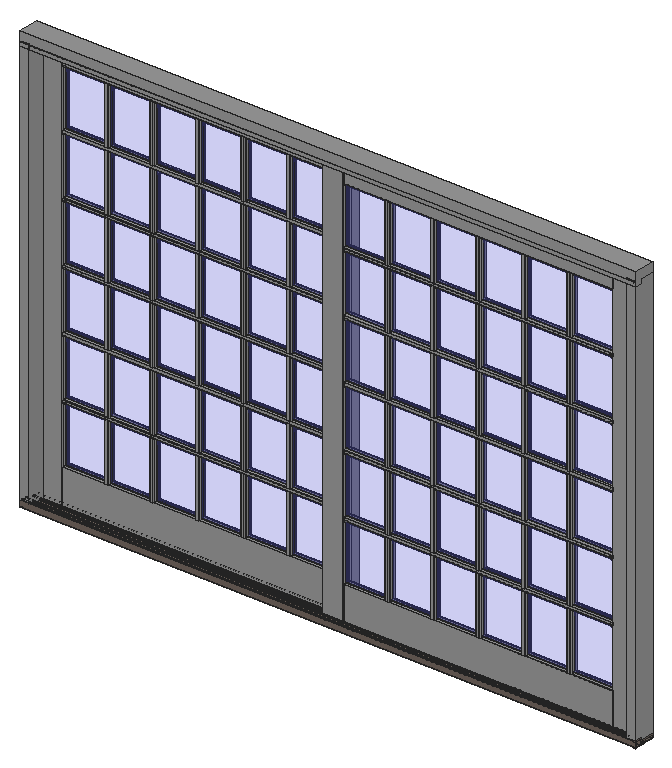
Revit family "VSDA3.0SP LH", category Doors, host Wall, Revit 2015 (continued)
Automatic sketch dimensions
  Extrusion 26 sketch curve to Extrusion 26 sketch curve = 1.197 mm  (x10)
  host wall to Extrusion 27 sketch curve = 7.5 mm  (x4)
  plane 4 "Right" to Extrusion 27 sketch curve = 342.92 mm
  Extrusion 27 sketch curve to Extrusion 27 sketch curve = 2 mm  (x24)
  Extrusion 27 sketch curve to Extrusion 27 sketch curve = 6.759 mm  (x10)
  Extrusion 27 sketch curve to Extrusion 27 sketch curve = 0.241 mm  (x15)
  Extrusion 27 sketch curve to Extrusion 27 sketch curve = 13 mm  (x8)
  Extrusion 27 sketch curve to Extrusion 27 sketch curve = 0 mm  (x2)
  host wall to Extrusion 27 sketch curve = 5.5 mm  (x7)
  Extrusion 27 sketch curve to Extrusion 27 sketch curve = 192.92 mm  (x4)
  Extrusion 27 sketch curve to host wall = 24.5 mm  (x5)
  Extrusion 27 sketch curve to Extrusion 27 sketch curve = 1.197 mm  (x10)
  host wall to Extrusion 28 sketch curve = 7.5 mm  (x4)
  plane 4 "Right" to Extrusion 28 sketch curve = 342.92 mm
  Extrusion 28 sketch curve to Extrusion 28 sketch curve = 2 mm  (x24)
  Extrusion 28 sketch curve to Extrusion 28 sketch curve = 6.759 mm  (x10)
  Extrusion 28 sketch curve to Extrusion 28 sketch curve = 0.241 mm  (x15)
  Extrusion 28 sketch curve to Extrusion 28 sketch curve = 13 mm  (x8)
  Extrusion 28 sketch curve to Extrusion 28 sketch curve = 0 mm  (x2)
  host wall to Extrusion 28 sketch curve = 5.5 mm  (x7)
  Extrusion 28 sketch curve to Extrusion 28 sketch curve = 192.92 mm  (x4)
  Extrusion 28 sketch curve to host wall = 24.5 mm  (x5)
  Extrusion 28 sketch curve to Extrusion 28 sketch curve = 1.197 mm  (x10)
  host wall to Extrusion 29 sketch curve = 7.5 mm  (x4)
  plane 4 "Right" to Extrusion 29 sketch curve = 342.92 mm
  Extrusion 29 sketch curve to Extrusion 29 sketch curve = 2 mm  (x24)
  Extrusion 29 sketch curve to Extrusion 29 sketch curve = 6.759 mm  (x10)
  Extrusion 29 sketch curve to Extrusion 29 sketch curve = 0.241 mm  (x15)
  Extrusion 29 sketch curve to Extrusion 29 sketch curve = 13 mm  (x8)
  Extrusion 29 sketch curve to Extrusion 29 sketch curve = 0 mm  (x2)
  host wall to Extrusion 29 sketch curve = 5.5 mm  (x7)
  Extrusion 29 sketch curve to Extrusion 29 sketch curve = 192.92 mm  (x4)
  Extrusion 29 sketch curve to host wall = 24.5 mm  (x5)
  Extrusion 29 sketch curve to Extrusion 29 sketch curve = 1.197 mm  (x10)
  host wall to Extrusion 30 sketch curve = 7.5 mm  (x4)
  plane 4 "Right" to Extrusion 30 sketch curve = 342.92 mm
  Extrusion 30 sketch curve to Extrusion 30 sketch curve = 2 mm  (x24)
  Extrusion 30 sketch curve to Extrusion 30 sketch curve = 6.759 mm  (x10)
  Extrusion 30 sketch curve to Extrusion 30 sketch curve = 0.241 mm  (x15)
  Extrusion 30 sketch curve to Extrusion 30 sketch curve = 13 mm  (x8)
  Extrusion 30 sketch curve to Extrusion 30 sketch curve = 0 mm  (x2)
  host wall to Extrusion 30 sketch curve = 5.5 mm  (x7)
  Extrusion 30 sketch curve to Extrusion 30 sketch curve = 192.92 mm  (x4)
  Extrusion 30 sketch curve to host wall = 24.5 mm  (x5)
  Extrusion 30 sketch curve to Extrusion 30 sketch curve = 1.197 mm  (x10)
  Sweep 31 sketch curve to plane 3 "Left" = 351.92 mm
  Sweep 31 sketch curve to plane 3 "Left" = 141 mm
  plane 5 to Sweep 31 sketch curve = 438 mm
  Sweep 31 sketch curve to Sweep 31 sketch curve = 284 mm
  Sweep 31 sketch curve to profile plane = 0 mm
  Sweep 31 sketch curve to profile plane = 0.241 mm
  Sweep 31 sketch curve to Sweep 31 sketch curve = 6.759 mm
  Sweep 31 sketch curve to Sweep 31 sketch curve = 2 mm  (x2)
  Sweep 31 sketch curve to profile plane = 132.5 mm
  Sweep 31 sketch curve to Sweep 31 sketch curve = 6 mm
  Sweep 32 sketch curve to plane 3 "Left" = 575.84 mm
  Sweep 32 sketch curve to Sweep 32 sketch curve = 210.92 mm
  plane 5 to Sweep 32 sketch curve = 438 mm
  Sweep 32 sketch curve to Sweep 32 sketch curve = 284 mm
  Sweep 32 sketch curve to profile plane = 0 mm
  Sweep 32 sketch curve to profile plane = 0.241 mm
  Sweep 32 sketch curve to Sweep 32 sketch curve = 6.759 mm
  Sweep 32 sketch curve to Sweep 32 sketch curve = 2 mm  (x2)
  Sweep 32 sketch curve to profile plane = 132.5 mm
  Sweep 32 sketch curve to Sweep 32 sketch curve = 6 mm
  Sweep 33 sketch curve to plane 2 "Center (Left/Right)" = 715.24 mm
  Sweep 33 sketch curve to Sweep 33 sketch curve = 210.92 mm
  plane 5 to Sweep 33 sketch curve = 438 mm
  Sweep 33 sketch curve to Sweep 33 sketch curve = 284 mm
  Sweep 33 sketch curve to profile plane = 0 mm
  Sweep 33 sketch curve to profile plane = 0.241 mm
  Sweep 33 sketch curve to Sweep 33 sketch curve = 6.759 mm
  Sweep 33 sketch curve to Sweep 33 sketch curve = 2 mm  (x2)
  Sweep 33 sketch curve to profile plane = 132.5 mm
  Sweep 33 sketch curve to Sweep 33 sketch curve = 6 mm
  Sweep 34 sketch curve to plane 2 "Center (Left/Right)" = 491.32 mm
  Sweep 34 sketch curve to Sweep 34 sketch curve = 210.92 mm
  plane 5 to Sweep 34 sketch curve = 438 mm
  Sweep 34 sketch curve to Sweep 34 sketch curve = 284 mm
  Sweep 34 sketch curve to profile plane = 0 mm
  Sweep 34 sketch curve to profile plane = 0.241 mm
  Sweep 34 sketch curve to Sweep 34 sketch curve = 6.759 mm
  Sweep 34 sketch curve to Sweep 34 sketch curve = 2 mm  (x2)
  Sweep 34 sketch curve to profile plane = 132.5 mm
  Sweep 34 sketch curve to Sweep 34 sketch curve = 6 mm
  Sweep 35 sketch curve to plane 2 "Center (Left/Right)" = 267.4 mm
  Sweep 35 sketch curve to Sweep 35 sketch curve = 210.92 mm
  plane 5 to Sweep 35 sketch curve = 438 mm
  Sweep 35 sketch curve to Sweep 35 sketch curve = 284 mm
  Sweep 35 sketch curve to profile plane = 0 mm
  Sweep 35 sketch curve to profile plane = 0.241 mm
  Sweep 35 sketch curve to Sweep 35 sketch curve = 6.759 mm
  Sweep 35 sketch curve to Sweep 35 sketch curve = 2 mm  (x2)
  Sweep 35 sketch curve to profile plane = 132.5 mm
  Sweep 35 sketch curve to Sweep 35 sketch curve = 6 mm
  Sweep 36 sketch curve to plane 2 "Center (Left/Right)" = 43.48 mm
  Sweep 36 sketch curve to Sweep 36 sketch curve = 210.92 mm
  plane 5 to Sweep 36 sketch curve = 438 mm
  Sweep 36 sketch curve to Sweep 36 sketch curve = 284 mm
  Sweep 36 sketch curve to profile plane = 0 mm
  Sweep 36 sketch curve to profile plane = 0.241 mm
  Sweep 36 sketch curve to Sweep 36 sketch curve = 6.759 mm
  Sweep 36 sketch curve to Sweep 36 sketch curve = 2 mm  (x2)
  Sweep 36 sketch curve to profile plane = 132.5 mm
  Sweep 36 sketch curve to Sweep 36 sketch curve = 6 mm
  Sweep 37 sketch curve to plane 3 "Left" = 351.92 mm
  Sweep 37 sketch curve to plane 3 "Left" = 141 mm
  plane 5 to Sweep 37 sketch curve = 735 mm
  Sweep 37 sketch curve to Sweep 37 sketch curve = 284 mm
  Sweep 37 sketch curve to profile plane = 0 mm
  Sweep 37 sketch curve to profile plane = 0.241 mm
  Sweep 37 sketch curve to Sweep 37 sketch curve = 6.759 mm
  Sweep 37 sketch curve to Sweep 37 sketch curve = 2 mm  (x2)
  Sweep 37 sketch curve to profile plane = 132.5 mm
  Sweep 37 sketch curve to Sweep 37 sketch curve = 6 mm
  Sweep 38 sketch curve to plane 3 "Left" = 575.84 mm
  Sweep 38 sketch curve to Sweep 38 sketch curve = 210.92 mm
  plane 5 to Sweep 38 sketch curve = 735 mm
  Sweep 38 sketch curve to Sweep 38 sketch curve = 284 mm
  Sweep 38 sketch curve to profile plane = 0 mm
  Sweep 38 sketch curve to profile plane = 0.241 mm
  Sweep 38 sketch curve to Sweep 38 sketch curve = 6.759 mm
  Sweep 38 sketch curve to Sweep 38 sketch curve = 2 mm  (x2)
  Sweep 38 sketch curve to profile plane = 132.5 mm
  Sweep 38 sketch curve to Sweep 38 sketch curve = 6 mm
  Sweep 39 sketch curve to plane 2 "Center (Left/Right)" = 715.24 mm
  Sweep 39 sketch curve to Sweep 39 sketch curve = 210.92 mm
  plane 5 to Sweep 39 sketch curve = 735 mm
  Sweep 39 sketch curve to Sweep 39 sketch curve = 284 mm
  Sweep 39 sketch curve to profile plane = 0 mm
  Sweep 39 sketch curve to profile plane = 0.241 mm
  Sweep 39 sketch curve to Sweep 39 sketch curve = 6.759 mm
  Sweep 39 sketch curve to Sweep 39 sketch curve = 2 mm  (x2)
  Sweep 39 sketch curve to profile plane = 132.5 mm
  Sweep 39 sketch curve to Sweep 39 sketch curve = 6 mm
  Sweep 40 sketch curve to plane 2 "Center (Left/Right)" = 491.32 mm
  Sweep 40 sketch curve to Sweep 40 sketch curve = 210.92 mm
  plane 5 to Sweep 40 sketch curve = 735 mm
  Sweep 40 sketch curve to Sweep 40 sketch curve = 284 mm
  Sweep 40 sketch curve to profile plane = 0 mm
  Sweep 40 sketch curve to profile plane = 0.241 mm
  Sweep 40 sketch curve to Sweep 40 sketch curve = 6.759 mm
  Sweep 40 sketch curve to Sweep 40 sketch curve = 2 mm  (x2)
  Sweep 40 sketch curve to profile plane = 132.5 mm
  Sweep 40 sketch curve to Sweep 40 sketch curve = 6 mm
  Sweep 41 sketch curve to plane 2 "Center (Left/Right)" = 267.4 mm
  Sweep 41 sketch curve to Sweep 41 sketch curve = 210.92 mm
  plane 5 to Sweep 41 sketch curve = 735 mm
  Sweep 41 sketch curve to Sweep 41 sketch curve = 284 mm
  Sweep 41 sketch curve to profile plane = 0 mm
  Sweep 41 sketch curve to profile plane = 0.241 mm
  Sweep 41 sketch curve to Sweep 41 sketch curve = 6.759 mm
  Sweep 41 sketch curve to Sweep 41 sketch curve = 2 mm  (x2)
  Sweep 41 sketch curve to profile plane = 132.5 mm
  Sweep 41 sketch curve to Sweep 41 sketch curve = 6 mm
  Sweep 42 sketch curve to plane 2 "Center (Left/Right)" = 43.48 mm
  Sweep 42 sketch curve to Sweep 42 sketch curve = 210.92 mm
  plane 5 to Sweep 42 sketch curve = 735 mm
  Sweep 42 sketch curve to Sweep 42 sketch curve = 284 mm
  Sweep 42 sketch curve to profile plane = 0 mm
  Sweep 42 sketch curve to profile plane = 0.241 mm
  Sweep 42 sketch curve to Sweep 42 sketch curve = 6.759 mm
  Sweep 42 sketch curve to Sweep 42 sketch curve = 2 mm  (x2)
  Sweep 42 sketch curve to profile plane = 132.5 mm
  Sweep 42 sketch curve to Sweep 42 sketch curve = 6 mm
  Sweep 43 sketch curve to plane 3 "Left" = 351.92 mm
  Sweep 43 sketch curve to plane 3 "Left" = 141 mm
  plane 5 to Sweep 43 sketch curve = 1032 mm
  Sweep 43 sketch curve to Sweep 43 sketch curve = 284 mm
  Sweep 43 sketch curve to profile plane = 0 mm
  Sweep 43 sketch curve to profile plane = 0.241 mm
  Sweep 43 sketch curve to Sweep 43 sketch curve = 6.759 mm
  Sweep 43 sketch curve to Sweep 43 sketch curve = 2 mm  (x2)
  Sweep 43 sketch curve to profile plane = 132.5 mm
  Sweep 43 sketch curve to Sweep 43 sketch curve = 6 mm
  Sweep 44 sketch curve to plane 3 "Left" = 575.84 mm
  Sweep 44 sketch curve to Sweep 44 sketch curve = 210.92 mm
  plane 5 to Sweep 44 sketch curve = 1032 mm
  Sweep 44 sketch curve to Sweep 44 sketch curve = 284 mm
  Sweep 44 sketch curve to profile plane = 0 mm
  Sweep 44 sketch curve to profile plane = 0.241 mm
  Sweep 44 sketch curve to Sweep 44 sketch curve = 6.759 mm
  Sweep 44 sketch curve to Sweep 44 sketch curve = 2 mm  (x2)
  Sweep 44 sketch curve to profile plane = 132.5 mm
  Sweep 44 sketch curve to Sweep 44 sketch curve = 6 mm
  Sweep 45 sketch curve to plane 2 "Center (Left/Right)" = 715.24 mm
  Sweep 45 sketch curve to Sweep 45 sketch curve = 210.92 mm
  plane 5 to Sweep 45 sketch curve = 1032 mm
  Sweep 45 sketch curve to Sweep 45 sketch curve = 284 mm
  Sweep 45 sketch curve to profile plane = 0 mm
  Sweep 45 sketch curve to profile plane = 0.241 mm
  Sweep 45 sketch curve to Sweep 45 sketch curve = 6.759 mm
  Sweep 45 sketch curve to Sweep 45 sketch curve = 2 mm  (x2)
  Sweep 45 sketch curve to profile plane = 132.5 mm
  Sweep 45 sketch curve to Sweep 45 sketch curve = 6 mm
  Sweep 46 sketch curve to plane 2 "Center (Left/Right)" = 491.32 mm
  Sweep 46 sketch curve to Sweep 46 sketch curve = 210.92 mm
  plane 5 to Sweep 46 sketch curve = 1032 mm
  Sweep 46 sketch curve to Sweep 46 sketch curve = 284 mm
  Sweep 46 sketch curve to profile plane = 0 mm
  Sweep 46 sketch curve to profile plane = 0.241 mm
  Sweep 46 sketch curve to Sweep 46 sketch curve = 6.759 mm
  Sweep 46 sketch curve to Sweep 46 sketch curve = 2 mm  (x2)
  Sweep 46 sketch curve to profile plane = 132.5 mm
  Sweep 46 sketch curve to Sweep 46 sketch curve = 6 mm
  Sweep 47 sketch curve to plane 2 "Center (Left/Right)" = 267.4 mm
  Sweep 47 sketch curve to Sweep 47 sketch curve = 210.92 mm
  plane 5 to Sweep 47 sketch curve = 1032 mm
  Sweep 47 sketch curve to Sweep 47 sketch curve = 284 mm
  Sweep 47 sketch curve to profile plane = 0 mm
  Sweep 47 sketch curve to profile plane = 0.241 mm
  Sweep 47 sketch curve to Sweep 47 sketch curve = 6.759 mm
  Sweep 47 sketch curve to Sweep 47 sketch curve = 2 mm  (x2)
  Sweep 47 sketch curve to profile plane = 132.5 mm
  Sweep 47 sketch curve to Sweep 47 sketch curve = 6 mm
  Sweep 48 sketch curve to plane 2 "Center (Left/Right)" = 43.48 mm
  Sweep 48 sketch curve to Sweep 48 sketch curve = 210.92 mm
  plane 5 to Sweep 48 sketch curve = 1032 mm
  Sweep 48 sketch curve to Sweep 48 sketch curve = 284 mm
  Sweep 48 sketch curve to profile plane = 0 mm
  Sweep 48 sketch curve to profile plane = 0.241 mm
  Sweep 48 sketch curve to Sweep 48 sketch curve = 6.759 mm
  Sweep 48 sketch curve to Sweep 48 sketch curve = 2 mm  (x2)
  Sweep 48 sketch curve to profile plane = 132.5 mm
  Sweep 48 sketch curve to Sweep 48 sketch curve = 6 mm
  Sweep 49 sketch curve to plane 3 "Left" = 351.92 mm
  Sweep 49 sketch curve to plane 3 "Left" = 141 mm
  level to Sweep 49 sketch curve = 771 mm
  Sweep 49 sketch curve to Sweep 49 sketch curve = 284 mm
  Sweep 49 sketch curve to profile plane = 0 mm
  Sweep 49 sketch curve to profile plane = 0.241 mm
  Sweep 49 sketch curve to Sweep 49 sketch curve = 6.759 mm
  Sweep 49 sketch curve to Sweep 49 sketch curve = 2 mm  (x2)
  Sweep 49 sketch curve to profile plane = 132.5 mm
  Sweep 49 sketch curve to Sweep 49 sketch curve = 6 mm
  Sweep 50 sketch curve to plane 3 "Left" = 575.84 mm
  Sweep 50 sketch curve to Sweep 50 sketch curve = 210.92 mm
  level to Sweep 50 sketch curve = 771 mm
  Sweep 50 sketch curve to Sweep 50 sketch curve = 284 mm
  Sweep 50 sketch curve to profile plane = 0 mm
  Sweep 50 sketch curve to profile plane = 0.241 mm
  Sweep 50 sketch curve to Sweep 50 sketch curve = 6.759 mm
  Sweep 50 sketch curve to Sweep 50 sketch curve = 2 mm  (x2)
  Sweep 50 sketch curve to profile plane = 132.5 mm
  Sweep 50 sketch curve to Sweep 50 sketch curve = 6 mm
  Sweep 51 sketch curve to plane 2 "Center (Left/Right)" = 715.24 mm
  Sweep 51 sketch curve to Sweep 51 sketch curve = 210.92 mm
  level to Sweep 51 sketch curve = 771 mm
  Sweep 51 sketch curve to Sweep 51 sketch curve = 284 mm
  Sweep 51 sketch curve to profile plane = 0 mm
  Sweep 51 sketch curve to profile plane = 0.241 mm
  Sweep 51 sketch curve to Sweep 51 sketch curve = 6.759 mm
  Sweep 51 sketch curve to Sweep 51 sketch curve = 2 mm  (x2)
  Sweep 51 sketch curve to profile plane = 132.5 mm
  Sweep 51 sketch curve to Sweep 51 sketch curve = 6 mm
  Sweep 52 sketch curve to plane 2 "Center (Left/Right)" = 491.32 mm
  Sweep 52 sketch curve to Sweep 52 sketch curve = 210.92 mm
  level to Sweep 52 sketch curve = 771 mm
  Sweep 52 sketch curve to Sweep 52 sketch curve = 284 mm
  Sweep 52 sketch curve to profile plane = 0 mm
  Sweep 52 sketch curve to profile plane = 0.241 mm
  Sweep 52 sketch curve to Sweep 52 sketch curve = 6.759 mm
  Sweep 52 sketch curve to Sweep 52 sketch curve = 2 mm  (x2)
  Sweep 52 sketch curve to profile plane = 132.5 mm
  Sweep 52 sketch curve to Sweep 52 sketch curve = 6 mm
  Sweep 53 sketch curve to plane 2 "Center (Left/Right)" = 267.4 mm
  Sweep 53 sketch curve to Sweep 53 sketch curve = 210.92 mm
  level to Sweep 53 sketch curve = 771 mm
  Sweep 53 sketch curve to Sweep 53 sketch curve = 284 mm
  Sweep 53 sketch curve to profile plane = 0 mm
  Sweep 53 sketch curve to profile plane = 0.241 mm
  Sweep 53 sketch curve to Sweep 53 sketch curve = 6.759 mm
  Sweep 53 sketch curve to Sweep 53 sketch curve = 2 mm  (x2)
  Sweep 53 sketch curve to profile plane = 132.5 mm
  Sweep 53 sketch curve to Sweep 53 sketch curve = 6 mm
  Sweep 54 sketch curve to plane 2 "Center (Left/Right)" = 43.48 mm
  Sweep 54 sketch curve to Sweep 54 sketch curve = 210.92 mm
  level to Sweep 54 sketch curve = 771 mm
  Sweep 54 sketch curve to Sweep 54 sketch curve = 284 mm
  Sweep 54 sketch curve to profile plane = 0 mm
  Sweep 54 sketch curve to profile plane = 0.241 mm
  Sweep 54 sketch curve to Sweep 54 sketch curve = 6.759 mm
  Sweep 54 sketch curve to Sweep 54 sketch curve = 2 mm  (x2)
  Sweep 54 sketch curve to profile plane = 132.5 mm
  Sweep 54 sketch curve to Sweep 54 sketch curve = 6 mm
  Sweep 55 sketch curve to plane 3 "Left" = 351.92 mm
  Sweep 55 sketch curve to plane 3 "Left" = 141 mm
  level to Sweep 55 sketch curve = 474 mm
  level to Sweep 55 sketch curve = 190 mm
  Sweep 55 sketch curve to profile plane = 0 mm
  Sweep 55 sketch curve to profile plane = 0.241 mm
  Sweep 55 sketch curve to Sweep 55 sketch curve = 6.759 mm
  Sweep 55 sketch curve to Sweep 55 sketch curve = 2 mm  (x2)
  Sweep 55 sketch curve to profile plane = 132.5 mm
  Sweep 55 sketch curve to Sweep 55 sketch curve = 6 mm
  level to Sweep 56 sketch curve = 190 mm
  Sweep 56 sketch curve to plane 3 "Left" = 575.84 mm
  Sweep 56 sketch curve to Sweep 56 sketch curve = 210.92 mm
  Sweep 56 sketch curve to Sweep 56 sketch curve = 284 mm
  Sweep 56 sketch curve to profile plane = 0 mm
  Sweep 56 sketch curve to profile plane = 0.241 mm
  Sweep 56 sketch curve to Sweep 56 sketch curve = 6.759 mm
  Sweep 56 sketch curve to Sweep 56 sketch curve = 2 mm  (x2)
  Sweep 56 sketch curve to profile plane = 132.5 mm
  Sweep 56 sketch curve to Sweep 56 sketch curve = 6 mm
  level to Sweep 57 sketch curve = 190 mm
  Sweep 57 sketch curve to plane 2 "Center (Left/Right)" = 715.24 mm
  Sweep 57 sketch curve to Sweep 57 sketch curve = 210.92 mm
  Sweep 57 sketch curve to Sweep 57 sketch curve = 284 mm
  Sweep 57 sketch curve to profile plane = 0 mm
  Sweep 57 sketch curve to profile plane = 0.241 mm
  Sweep 57 sketch curve to Sweep 57 sketch curve = 6.759 mm
  Sweep 57 sketch curve to Sweep 57 sketch curve = 2 mm  (x2)
  Sweep 57 sketch curve to profile plane = 132.5 mm
  Sweep 57 sketch curve to Sweep 57 sketch curve = 6 mm
  level to Sweep 58 sketch curve = 190 mm
  Sweep 58 sketch curve to plane 2 "Center (Left/Right)" = 491.32 mm
  Sweep 58 sketch curve to Sweep 58 sketch curve = 210.92 mm
  Sweep 58 sketch curve to Sweep 58 sketch curve = 284 mm
  Sweep 58 sketch curve to profile plane = 0 mm
  Sweep 58 sketch curve to profile plane = 0.241 mm
  Sweep 58 sketch curve to Sweep 58 sketch curve = 6.759 mm
  Sweep 58 sketch curve to Sweep 58 sketch curve = 2 mm  (x2)
  Sweep 58 sketch curve to profile plane = 132.5 mm
  Sweep 58 sketch curve to Sweep 58 sketch curve = 6 mm
  Sweep 59 sketch curve to plane 2 "Center (Left/Right)" = 267.4 mm
  Sweep 59 sketch curve to Sweep 59 sketch curve = 210.92 mm
  level to Sweep 59 sketch curve = 474 mm
  level to Sweep 59 sketch curve = 190 mm
  Sweep 59 sketch curve to profile plane = 0 mm
  Sweep 59 sketch curve to profile plane = 0.241 mm
  Sweep 59 sketch curve to Sweep 59 sketch curve = 6.759 mm
  Sweep 59 sketch curve to Sweep 59 sketch curve = 2 mm  (x2)
  Sweep 59 sketch curve to profile plane = 132.5 mm
  Sweep 59 sketch curve to Sweep 59 sketch curve = 6 mm
  Sweep 60 sketch curve to plane 2 "Center (Left/Right)" = 43.48 mm
  Sweep 60 sketch curve to Sweep 60 sketch curve = 210.92 mm
  level to Sweep 60 sketch curve = 474 mm
  level to Sweep 60 sketch curve = 190 mm
  Sweep 60 sketch curve to profile plane = 0 mm
  Sweep 60 sketch curve to profile plane = 0.241 mm
  Sweep 60 sketch curve to Sweep 60 sketch curve = 6.759 mm
  Sweep 60 sketch curve to Sweep 60 sketch curve = 2 mm  (x2)
  Sweep 60 sketch curve to profile plane = 132.5 mm
  Sweep 60 sketch curve to Sweep 60 sketch curve = 6 mm
  plane 4 "Right" to Sweep 61 sketch curve = 364.92 mm
  Sweep 61 sketch curve to Sweep 61 sketch curve = 210.92 mm
  plane 5 to Sweep 61 sketch curve = 141 mm
  Sweep 61 sketch curve to Sweep 61 sketch curve = 284 mm
  Sweep 61 sketch curve to profile plane = 0 mm
  Sweep 61 sketch curve to profile plane = 0.241 mm
  Sweep 61 sketch curve to Sweep 61 sketch curve = 6.759 mm
  Sweep 61 sketch curve to Sweep 61 sketch curve = 2 mm  (x2)
  Sweep 61 sketch curve to profile plane = 132.5 mm
  Sweep 61 sketch curve to Sweep 61 sketch curve = 6 mm
  plane 4 "Right" to Sweep 62 sketch curve = 588.84 mm
  Sweep 62 sketch curve to Sweep 62 sketch curve = 210.92 mm
  plane 5 to Sweep 62 sketch curve = 141 mm
  Sweep 62 sketch curve to Sweep 62 sketch curve = 284 mm
  Sweep 62 sketch curve to profile plane = 0 mm
  Sweep 62 sketch curve to profile plane = 0.241 mm
  Sweep 62 sketch curve to Sweep 62 sketch curve = 6.759 mm
  Sweep 62 sketch curve to Sweep 62 sketch curve = 2 mm  (x2)
  Sweep 62 sketch curve to profile plane = 132.5 mm
  Sweep 62 sketch curve to Sweep 62 sketch curve = 6 mm
  plane 2 "Center (Left/Right)" to Sweep 63 sketch curve = 702.24 mm
  Sweep 63 sketch curve to Sweep 63 sketch curve = 210.92 mm
  plane 5 to Sweep 63 sketch curve = 141 mm
  Sweep 63 sketch curve to Sweep 63 sketch curve = 284 mm
  Sweep 63 sketch curve to profile plane = 0 mm
  Sweep 63 sketch curve to profile plane = 0.241 mm
  Sweep 63 sketch curve to Sweep 63 sketch curve = 6.759 mm
  Sweep 63 sketch curve to Sweep 63 sketch curve = 2 mm  (x2)
  Sweep 63 sketch curve to profile plane = 132.5 mm
  Sweep 63 sketch curve to Sweep 63 sketch curve = 6 mm
  plane 2 "Center (Left/Right)" to Sweep 64 sketch curve = 478.32 mm
  Sweep 64 sketch curve to Sweep 64 sketch curve = 210.92 mm
  plane 5 to Sweep 64 sketch curve = 141 mm
  Sweep 64 sketch curve to Sweep 64 sketch curve = 284 mm
  Sweep 64 sketch curve to profile plane = 0 mm
  Sweep 64 sketch curve to profile plane = 0.241 mm
  Sweep 64 sketch curve to Sweep 64 sketch curve = 6.759 mm
  Sweep 64 sketch curve to Sweep 64 sketch curve = 2 mm  (x2)
  Sweep 64 sketch curve to profile plane = 132.5 mm
  Sweep 64 sketch curve to Sweep 64 sketch curve = 6 mm
  plane 2 "Center (Left/Right)" to Sweep 65 sketch curve = 254.4 mm
  plane 2 "Center (Left/Right)" to Sweep 65 sketch curve = 43.48 mm
  plane 5 to Sweep 65 sketch curve = 141 mm
  Sweep 65 sketch curve to Sweep 65 sketch curve = 284 mm
  Sweep 65 sketch curve to profile plane = 0 mm
  Sweep 65 sketch curve to profile plane = 0.241 mm
  Sweep 65 sketch curve to Sweep 65 sketch curve = 6.759 mm
  Sweep 65 sketch curve to Sweep 65 sketch curve = 2 mm  (x2)
  Sweep 65 sketch curve to profile plane = 132.5 mm
  Sweep 65 sketch curve to Sweep 65 sketch curve = 6 mm
  plane 4 "Right" to Sweep 66 sketch curve = 141 mm
  Sweep 66 sketch curve to Sweep 66 sketch curve = 210.92 mm
  plane 5 to Sweep 66 sketch curve = 438 mm
  Sweep 66 sketch curve to Sweep 66 sketch curve = 284 mm
  Sweep 66 sketch curve to profile plane = 0 mm
  Sweep 66 sketch curve to profile plane = 0.241 mm
  Sweep 66 sketch curve to Sweep 66 sketch curve = 6.759 mm
  Sweep 66 sketch curve to Sweep 66 sketch curve = 2 mm  (x2)
  Sweep 66 sketch curve to profile plane = 132.5 mm
  Sweep 66 sketch curve to Sweep 66 sketch curve = 6 mm
  plane 4 "Right" to Sweep 67 sketch curve = 364.92 mm
  Sweep 67 sketch curve to Sweep 67 sketch curve = 210.92 mm
  plane 5 to Sweep 67 sketch curve = 438 mm
  Sweep 67 sketch curve to Sweep 67 sketch curve = 284 mm
  Sweep 67 sketch curve to profile plane = 0 mm
  Sweep 67 sketch curve to profile plane = 0.241 mm
  Sweep 67 sketch curve to Sweep 67 sketch curve = 6.759 mm
  Sweep 67 sketch curve to Sweep 67 sketch curve = 2 mm  (x2)
  Sweep 67 sketch curve to profile plane = 132.5 mm
  Sweep 67 sketch curve to Sweep 67 sketch curve = 6 mm
  plane 4 "Right" to Sweep 68 sketch curve = 588.84 mm
  Sweep 68 sketch curve to Sweep 68 sketch curve = 210.92 mm
  plane 5 to Sweep 68 sketch curve = 438 mm
  Sweep 68 sketch curve to Sweep 68 sketch curve = 284 mm
  Sweep 68 sketch curve to profile plane = 0 mm
  Sweep 68 sketch curve to profile plane = 0.241 mm
  Sweep 68 sketch curve to Sweep 68 sketch curve = 6.759 mm
  Sweep 68 sketch curve to Sweep 68 sketch curve = 2 mm  (x2)
  Sweep 68 sketch curve to profile plane = 132.5 mm
  Sweep 68 sketch curve to Sweep 68 sketch curve = 6 mm
  plane 2 "Center (Left/Right)" to Sweep 69 sketch curve = 702.24 mm
  Sweep 69 sketch curve to Sweep 69 sketch curve = 210.92 mm
  plane 5 to Sweep 69 sketch curve = 438 mm
  Sweep 69 sketch curve to Sweep 69 sketch curve = 284 mm
  Sweep 69 sketch curve to profile plane = 0 mm
  Sweep 69 sketch curve to profile plane = 0.241 mm
  Sweep 69 sketch curve to Sweep 69 sketch curve = 6.759 mm
  Sweep 69 sketch curve to Sweep 69 sketch curve = 2 mm  (x2)
  Sweep 69 sketch curve to profile plane = 132.5 mm
  Sweep 69 sketch curve to Sweep 69 sketch curve = 6 mm
  plane 2 "Center (Left/Right)" to Sweep 70 sketch curve = 478.32 mm
  Sweep 70 sketch curve to Sweep 70 sketch curve = 210.92 mm
  plane 5 to Sweep 70 sketch curve = 438 mm
  Sweep 70 sketch curve to Sweep 70 sketch curve = 284 mm
  Sweep 70 sketch curve to profile plane = 0 mm
  Sweep 70 sketch curve to profile plane = 0.241 mm
  Sweep 70 sketch curve to Sweep 70 sketch curve = 6.759 mm
  Sweep 70 sketch curve to Sweep 70 sketch curve = 2 mm  (x2)
  Sweep 70 sketch curve to profile plane = 132.5 mm
  Sweep 70 sketch curve to Sweep 70 sketch curve = 6 mm
  plane 2 "Center (Left/Right)" to Sweep 71 sketch curve = 254.4 mm
  plane 2 "Center (Left/Right)" to Sweep 71 sketch curve = 43.48 mm
  plane 5 to Sweep 71 sketch curve = 438 mm
  Sweep 71 sketch curve to Sweep 71 sketch curve = 284 mm
  Sweep 71 sketch curve to profile plane = 0 mm
  Sweep 71 sketch curve to profile plane = 0.241 mm
  Sweep 71 sketch curve to Sweep 71 sketch curve = 6.759 mm
  Sweep 71 sketch curve to Sweep 71 sketch curve = 2 mm  (x2)
  Sweep 71 sketch curve to profile plane = 132.5 mm
  Sweep 71 sketch curve to Sweep 71 sketch curve = 6 mm
  plane 4 "Right" to Sweep 72 sketch curve = 141 mm
  Sweep 72 sketch curve to Sweep 72 sketch curve = 210.92 mm
  plane 5 to Sweep 72 sketch curve = 735 mm
  Sweep 72 sketch curve to Sweep 72 sketch curve = 284 mm
  Sweep 72 sketch curve to profile plane = 0 mm
  Sweep 72 sketch curve to profile plane = 0.241 mm
  Sweep 72 sketch curve to Sweep 72 sketch curve = 6.759 mm
  Sweep 72 sketch curve to Sweep 72 sketch curve = 2 mm  (x2)
  Sweep 72 sketch curve to profile plane = 132.5 mm
  Sweep 72 sketch curve to Sweep 72 sketch curve = 6 mm
  plane 4 "Right" to Sweep 73 sketch curve = 364.92 mm
  Sweep 73 sketch curve to Sweep 73 sketch curve = 210.92 mm
  plane 5 to Sweep 73 sketch curve = 735 mm
  Sweep 73 sketch curve to Sweep 73 sketch curve = 284 mm
  Sweep 73 sketch curve to profile plane = 0 mm
  Sweep 73 sketch curve to profile plane = 0.241 mm
  Sweep 73 sketch curve to Sweep 73 sketch curve = 6.759 mm
  Sweep 73 sketch curve to Sweep 73 sketch curve = 2 mm  (x2)
  Sweep 73 sketch curve to profile plane = 132.5 mm
  Sweep 73 sketch curve to Sweep 73 sketch curve = 6 mm
  plane 4 "Right" to Sweep 74 sketch curve = 588.84 mm
  Sweep 74 sketch curve to Sweep 74 sketch curve = 210.92 mm
  plane 5 to Sweep 74 sketch curve = 735 mm
  Sweep 74 sketch curve to Sweep 74 sketch curve = 284 mm
  Sweep 74 sketch curve to profile plane = 0 mm
  Sweep 74 sketch curve to profile plane = 0.241 mm
  Sweep 74 sketch curve to Sweep 74 sketch curve = 6.759 mm
  Sweep 74 sketch curve to Sweep 74 sketch curve = 2 mm  (x2)
  Sweep 74 sketch curve to profile plane = 132.5 mm
  Sweep 74 sketch curve to Sweep 74 sketch curve = 6 mm
  plane 2 "Center (Left/Right)" to Sweep 75 sketch curve = 702.24 mm
  Sweep 75 sketch curve to Sweep 75 sketch curve = 210.92 mm
  plane 5 to Sweep 75 sketch curve = 735 mm
  Sweep 75 sketch curve to Sweep 75 sketch curve = 284 mm
  Sweep 75 sketch curve to profile plane = 0 mm
  Sweep 75 sketch curve to profile plane = 0.241 mm
  Sweep 75 sketch curve to Sweep 75 sketch curve = 6.759 mm
  Sweep 75 sketch curve to Sweep 75 sketch curve = 2 mm  (x2)
  Sweep 75 sketch curve to profile plane = 132.5 mm
  Sweep 75 sketch curve to Sweep 75 sketch curve = 6 mm
  plane 2 "Center (Left/Right)" to Sweep 76 sketch curve = 478.32 mm
  Sweep 76 sketch curve to Sweep 76 sketch curve = 210.92 mm
  plane 5 to Sweep 76 sketch curve = 735 mm
  Sweep 76 sketch curve to Sweep 76 sketch curve = 284 mm
  Sweep 76 sketch curve to profile plane = 0 mm
  Sweep 76 sketch curve to profile plane = 0.241 mm
  Sweep 76 sketch curve to Sweep 76 sketch curve = 6.759 mm
  Sweep 76 sketch curve to Sweep 76 sketch curve = 2 mm  (x2)
  Sweep 76 sketch curve to profile plane = 132.5 mm
  Sweep 76 sketch curve to Sweep 76 sketch curve = 6 mm
  plane 2 "Center (Left/Right)" to Sweep 77 sketch curve = 254.4 mm
  plane 2 "Center (Left/Right)" to Sweep 77 sketch curve = 43.48 mm
  plane 5 to Sweep 77 sketch curve = 735 mm
  Sweep 77 sketch curve to Sweep 77 sketch curve = 284 mm
  Sweep 77 sketch curve to profile plane = 0 mm
  Sweep 77 sketch curve to profile plane = 0.241 mm
  Sweep 77 sketch curve to Sweep 77 sketch curve = 6.759 mm
  Sweep 77 sketch curve to Sweep 77 sketch curve = 2 mm  (x2)
  Sweep 77 sketch curve to profile plane = 132.5 mm
  Sweep 77 sketch curve to Sweep 77 sketch curve = 6 mm
  plane 4 "Right" to Sweep 78 sketch curve = 141 mm
  Sweep 78 sketch curve to Sweep 78 sketch curve = 210.92 mm
  plane 5 to Sweep 78 sketch curve = 1032 mm
  Sweep 78 sketch curve to Sweep 78 sketch curve = 284 mm
  Sweep 78 sketch curve to profile plane = 0 mm
  Sweep 78 sketch curve to profile plane = 0.241 mm
  Sweep 78 sketch curve to Sweep 78 sketch curve = 6.759 mm
  Sweep 78 sketch curve to Sweep 78 sketch curve = 2 mm  (x2)
  Sweep 78 sketch curve to profile plane = 132.5 mm
  Sweep 78 sketch curve to Sweep 78 sketch curve = 6 mm
  plane 4 "Right" to Sweep 79 sketch curve = 364.92 mm
  Sweep 79 sketch curve to Sweep 79 sketch curve = 210.92 mm
  plane 5 to Sweep 79 sketch curve = 1032 mm
  Sweep 79 sketch curve to Sweep 79 sketch curve = 284 mm
  Sweep 79 sketch curve to profile plane = 0 mm
  Sweep 79 sketch curve to profile plane = 0.241 mm
  Sweep 79 sketch curve to Sweep 79 sketch curve = 6.759 mm
  Sweep 79 sketch curve to Sweep 79 sketch curve = 2 mm  (x2)
  Sweep 79 sketch curve to profile plane = 132.5 mm
  Sweep 79 sketch curve to Sweep 79 sketch curve = 6 mm
  plane 4 "Right" to Sweep 80 sketch curve = 588.84 mm
  Sweep 80 sketch curve to Sweep 80 sketch curve = 210.92 mm
  plane 5 to Sweep 80 sketch curve = 1032 mm
  Sweep 80 sketch curve to Sweep 80 sketch curve = 284 mm
  Sweep 80 sketch curve to profile plane = 0 mm
  Sweep 80 sketch curve to profile plane = 0.241 mm
  Sweep 80 sketch curve to Sweep 80 sketch curve = 6.759 mm
  Sweep 80 sketch curve to Sweep 80 sketch curve = 2 mm  (x2)
  Sweep 80 sketch curve to profile plane = 132.5 mm
  Sweep 80 sketch curve to Sweep 80 sketch curve = 6 mm
  plane 2 "Center (Left/Right)" to Sweep 81 sketch curve = 702.24 mm
  Sweep 81 sketch curve to Sweep 81 sketch curve = 210.92 mm
  plane 5 to Sweep 81 sketch curve = 1032 mm
  Sweep 81 sketch curve to Sweep 81 sketch curve = 284 mm
  Sweep 81 sketch curve to profile plane = 0 mm
  Sweep 81 sketch curve to profile plane = 0.241 mm
  Sweep 81 sketch curve to Sweep 81 sketch curve = 6.759 mm
  Sweep 81 sketch curve to Sweep 81 sketch curve = 2 mm  (x2)
  Sweep 81 sketch curve to profile plane = 132.5 mm
  Sweep 81 sketch curve to Sweep 81 sketch curve = 6 mm
  plane 2 "Center (Left/Right)" to Sweep 82 sketch curve = 478.32 mm
  Sweep 82 sketch curve to Sweep 82 sketch curve = 210.92 mm
  plane 5 to Sweep 82 sketch curve = 1032 mm
  Sweep 82 sketch curve to Sweep 82 sketch curve = 284 mm
  Sweep 82 sketch curve to profile plane = 0 mm
  Sweep 82 sketch curve to profile plane = 0.241 mm
  Sweep 82 sketch curve to Sweep 82 sketch curve = 6.759 mm
  Sweep 82 sketch curve to Sweep 82 sketch curve = 2 mm  (x2)
  Sweep 82 sketch curve to profile plane = 132.5 mm
  Sweep 82 sketch curve to Sweep 82 sketch curve = 6 mm
  plane 2 "Center (Left/Right)" to Sweep 83 sketch curve = 254.4 mm
  plane 2 "Center (Left/Right)" to Sweep 83 sketch curve = 43.48 mm
  plane 5 to Sweep 83 sketch curve = 1032 mm
  Sweep 83 sketch curve to Sweep 83 sketch curve = 284 mm
  Sweep 83 sketch curve to profile plane = 0 mm
  Sweep 83 sketch curve to profile plane = 0.241 mm
  Sweep 83 sketch curve to Sweep 83 sketch curve = 6.759 mm
  Sweep 83 sketch curve to Sweep 83 sketch curve = 2 mm  (x2)
  Sweep 83 sketch curve to profile plane = 132.5 mm
  Sweep 83 sketch curve to Sweep 83 sketch curve = 6 mm
  plane 4 "Right" to Sweep 84 sketch curve = 141 mm
  Sweep 84 sketch curve to Sweep 84 sketch curve = 210.92 mm
  level to Sweep 84 sketch curve = 771 mm
  Sweep 84 sketch curve to Sweep 84 sketch curve = 284 mm
  Sweep 84 sketch curve to profile plane = 0 mm
  Sweep 84 sketch curve to profile plane = 0.241 mm
  Sweep 84 sketch curve to Sweep 84 sketch curve = 6.759 mm
  Sweep 84 sketch curve to Sweep 84 sketch curve = 2 mm  (x2)
  Sweep 84 sketch curve to profile plane = 132.5 mm
  Sweep 84 sketch curve to Sweep 84 sketch curve = 6 mm
  plane 4 "Right" to Sweep 85 sketch curve = 364.92 mm
  Sweep 85 sketch curve to Sweep 85 sketch curve = 210.92 mm
  level to Sweep 85 sketch curve = 771 mm
  Sweep 85 sketch curve to Sweep 85 sketch curve = 284 mm
  Sweep 85 sketch curve to profile plane = 0 mm
  Sweep 85 sketch curve to profile plane = 0.241 mm
  Sweep 85 sketch curve to Sweep 85 sketch curve = 6.759 mm
  Sweep 85 sketch curve to Sweep 85 sketch curve = 2 mm  (x2)
  Sweep 85 sketch curve to profile plane = 132.5 mm
  Sweep 85 sketch curve to Sweep 85 sketch curve = 6 mm
  plane 4 "Right" to Sweep 86 sketch curve = 588.84 mm
  Sweep 86 sketch curve to Sweep 86 sketch curve = 210.92 mm
  level to Sweep 86 sketch curve = 771 mm
  Sweep 86 sketch curve to Sweep 86 sketch curve = 284 mm
  Sweep 86 sketch curve to profile plane = 0 mm
  Sweep 86 sketch curve to profile plane = 0.241 mm
  Sweep 86 sketch curve to Sweep 86 sketch curve = 6.759 mm
  Sweep 86 sketch curve to Sweep 86 sketch curve = 2 mm  (x2)
  Sweep 86 sketch curve to profile plane = 132.5 mm
  Sweep 86 sketch curve to Sweep 86 sketch curve = 6 mm
  plane 2 "Center (Left/Right)" to Sweep 87 sketch curve = 702.24 mm
  Sweep 87 sketch curve to Sweep 87 sketch curve = 210.92 mm
  level to Sweep 87 sketch curve = 771 mm
  Sweep 87 sketch curve to Sweep 87 sketch curve = 284 mm
  Sweep 87 sketch curve to profile plane = 0 mm
  Sweep 87 sketch curve to profile plane = 0.241 mm
  Sweep 87 sketch curve to Sweep 87 sketch curve = 6.759 mm
  Sweep 87 sketch curve to Sweep 87 sketch curve = 2 mm  (x2)
  Sweep 87 sketch curve to profile plane = 132.5 mm
  Sweep 87 sketch curve to Sweep 87 sketch curve = 6 mm
  plane 2 "Center (Left/Right)" to Sweep 88 sketch curve = 478.32 mm
  Sweep 88 sketch curve to Sweep 88 sketch curve = 210.92 mm
  level to Sweep 88 sketch curve = 771 mm
  Sweep 88 sketch curve to Sweep 88 sketch curve = 284 mm
  Sweep 88 sketch curve to profile plane = 0 mm
  Sweep 88 sketch curve to profile plane = 0.241 mm
  Sweep 88 sketch curve to Sweep 88 sketch curve = 6.759 mm
  Sweep 88 sketch curve to Sweep 88 sketch curve = 2 mm  (x2)
  Sweep 88 sketch curve to profile plane = 132.5 mm
  Sweep 88 sketch curve to Sweep 88 sketch curve = 6 mm
  plane 2 "Center (Left/Right)" to Sweep 89 sketch curve = 254.4 mm
  plane 2 "Center (Left/Right)" to Sweep 89 sketch curve = 43.48 mm
  level to Sweep 89 sketch curve = 771 mm
  Sweep 89 sketch curve to Sweep 89 sketch curve = 284 mm
  Sweep 89 sketch curve to profile plane = 0 mm
  Sweep 89 sketch curve to profile plane = 0.241 mm
  Sweep 89 sketch curve to Sweep 89 sketch curve = 6.759 mm
  Sweep 89 sketch curve to Sweep 89 sketch curve = 2 mm  (x2)
  Sweep 89 sketch curve to profile plane = 132.5 mm
  Sweep 89 sketch curve to Sweep 89 sketch curve = 6 mm
  plane 4 "Right" to Sweep 90 sketch curve = 141 mm
  Sweep 90 sketch curve to Sweep 90 sketch curve = 210.92 mm
  level to Sweep 90 sketch curve = 474 mm
  level to Sweep 90 sketch curve = 190 mm
  Sweep 90 sketch curve to profile plane = 0 mm
  Sweep 90 sketch curve to profile plane = 0.241 mm
  Sweep 90 sketch curve to Sweep 90 sketch curve = 6.759 mm
  Sweep 90 sketch curve to Sweep 90 sketch curve = 2 mm  (x2)
  Sweep 90 sketch curve to profile plane = 132.5 mm
  Sweep 90 sketch curve to Sweep 90 sketch curve = 6 mm
  plane 4 "Right" to Sweep 91 sketch curve = 364.92 mm
  Sweep 91 sketch curve to Sweep 91 sketch curve = 210.92 mm
  level to Sweep 91 sketch curve = 474 mm
  level to Sweep 91 sketch curve = 190 mm
  Sweep 91 sketch curve to profile plane = 0 mm
  Sweep 91 sketch curve to profile plane = 0.241 mm
  Sweep 91 sketch curve to Sweep 91 sketch curve = 6.759 mm
  Sweep 91 sketch curve to Sweep 91 sketch curve = 2 mm  (x2)
  Sweep 91 sketch curve to profile plane = 132.5 mm
  Sweep 91 sketch curve to Sweep 91 sketch curve = 6 mm
  level to Sweep 92 sketch curve = 190 mm
  plane 4 "Right" to Sweep 92 sketch curve = 588.84 mm
  Sweep 92 sketch curve to Sweep 92 sketch curve = 210.92 mm
  Sweep 92 sketch curve to Sweep 92 sketch curve = 284 mm
  Sweep 92 sketch curve to profile plane = 0 mm
  Sweep 92 sketch curve to profile plane = 0.241 mm
  Sweep 92 sketch curve to Sweep 92 sketch curve = 6.759 mm
  Sweep 92 sketch curve to Sweep 92 sketch curve = 2 mm  (x2)
  Sweep 92 sketch curve to profile plane = 132.5 mm
  Sweep 92 sketch curve to Sweep 92 sketch curve = 6 mm
  level to Sweep 93 sketch curve = 190 mm
  plane 2 "Center (Left/Right)" to Sweep 93 sketch curve = 702.24 mm
  Sweep 93 sketch curve to Sweep 93 sketch curve = 210.92 mm
  Sweep 93 sketch curve to Sweep 93 sketch curve = 284 mm
  Sweep 93 sketch curve to profile plane = 0 mm
  Sweep 93 sketch curve to profile plane = 0.241 mm
  Sweep 93 sketch curve to Sweep 93 sketch curve = 6.759 mm
  Sweep 93 sketch curve to Sweep 93 sketch curve = 2 mm  (x2)
  Sweep 93 sketch curve to profile plane = 132.5 mm
  Sweep 93 sketch curve to Sweep 93 sketch curve = 6 mm
  level to Sweep 94 sketch curve = 190 mm
  plane 2 "Center (Left/Right)" to Sweep 94 sketch curve = 478.32 mm
  Sweep 94 sketch curve to Sweep 94 sketch curve = 210.92 mm
  Sweep 94 sketch curve to Sweep 94 sketch curve = 284 mm
  Sweep 94 sketch curve to profile plane = 0 mm
  Sweep 94 sketch curve to profile plane = 0.241 mm
  Sweep 94 sketch curve to Sweep 94 sketch curve = 6.759 mm
  Sweep 94 sketch curve to Sweep 94 sketch curve = 2 mm  (x2)
  Sweep 94 sketch curve to profile plane = 132.5 mm
  Sweep 94 sketch curve to Sweep 94 sketch curve = 6 mm
  plane 2 "Center (Left/Right)" to Sweep 95 sketch curve = 254.4 mm
  plane 2 "Center (Left/Right)" to Sweep 95 sketch curve = 43.48 mm
  level to Sweep 95 sketch curve = 474 mm
  level to Sweep 95 sketch curve = 190 mm
  Sweep 95 sketch curve to profile plane = 0 mm
  Sweep 95 sketch curve to profile plane = 0.241 mm
  Sweep 95 sketch curve to Sweep 95 sketch curve = 6.759 mm
  Sweep 95 sketch curve to Sweep 95 sketch curve = 2 mm  (x2)
  Sweep 95 sketch curve to profile plane = 132.5 mm
  Sweep 95 sketch curve to Sweep 95 sketch curve = 6 mm
